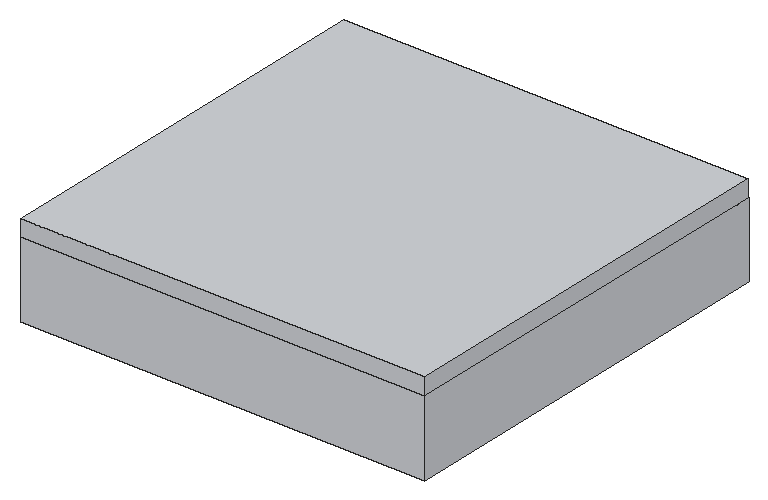
Revit family "265000 - Lighting - Recessed - Rectangular", category Lighting Fixtures, Revit 2020
Family settings
  Round Connector Dimension = Use Diameter
  Part Type = Normal
  OmniClass Number = 23.80.70.00
  OmniClass Title = Lighting
  Work Plane-Based = Yes
  Always vertical = Yes
  Cut with Voids When Loaded = No
  Light Source = Yes
  Shared = No
  Room Calculation Point = No
Parameters
  Wattage = 12.1178 W
  built-in parameter 1150110 = 1 (stored number, unit not read)
  built-in parameter 1114217 = 1 (stored number, unit not read)
  built-in parameter 1150109 = 1 (stored number, unit not read)
  built-in parameter 1150134 = (empty or 0)
  built-in parameter 1150113 = 1 (stored number, unit not read)
  Lumens = 1800 lm
  built-in parameter 1150115 = 1 (stored number, unit not read)
  built-in parameter 1150105 = 143.24 (stored number, unit not read)
  Light Source Symbol Size = 2' - 0"
  built-in parameter 1150137 = (empty or 0)
  built-in parameter 1150139 = (empty or 0)
  Light Box = none
  built-in parameter 1150112 = 1 (stored number, unit not read)
  built-in parameter 1150114 = 1 (stored number, unit not read)
  built-in parameter 1150132 = 2
  built-in parameter 1150102 = (empty or 0)
  built-in parameter 1150138 = (empty or 0)
  built-in parameter 1150107 = 3000 (stored number, unit not read)
  built-in parameter 1150106 = 1.4324 (stored number, unit not read)
  built-in parameter 1150104 = 13.8 (stored number, unit not read)
  Dimming Lamp Color Temperature Shift = (empty or 0)
  Diffuser = none
  Default Elevation = 4' - 0"
  Color Filter = 16777215
  built-in parameter 1114218 = 1 (stored number, unit not read)
  built-in parameter 1150133 = 10 (stored number, unit not read)
Reference planes (in)
  plane 1 "Light Source Axis (F/B)": y = 0
  plane 2: z = 0
  plane 3 "Light Source Axis (L/R)": x = 0
  plane 4 "Light Source Elevation": z = 0
  plane 5: y = 1.28382
  plane 6: y = -5.96618
  plane 7: y = 8.53382
  plane 8: y = -13.21618
  plane 9: x = -11.61136
  plane 10: x = 10.13864
  plane 11: x = -4.36136
  plane 12: x = 2.88864
  plane 13: y = 1.28382
  plane 14: y = -5.96618
  plane 15: y = 8.53382
  plane 16: y = -13.21618
  plane 17: x = -11.61136
  plane 18: x = 10.13864
  plane 19: x = -4.36136
  plane 20: x = 2.88864
Forms (in)
  Extrusion 1, solid, material <- "Light Box"
    sketch origin (0, 0, 0) x (1, 0, 0) y (0, 1, 0)
      loop
        line (-12.73636, 9.65882) -> (-12.73636, -14.34118) -> (11.26364, -14.34118) -> (11.26364, 9.65882) -> (-12.73636, 9.65882)
      loop
        line (-11.73636, 8.65882) -> (-11.73636, -13.34118) -> (10.26364, -13.34118) -> (10.26364, 8.65882) -> (-11.73636, 8.65882)
    from 0 to 4.5
  Extrusion 2, solid, material <- "Light Box"
    sketch origin (0, 0, 0) x (1, 0, 0) y (0, 1, 0)
      loop
        line (-12.73636, 9.65882) -> (-12.73636, -14.34118) -> (11.26364, -14.34118) -> (11.26364, 9.65882) -> (-12.73636, 9.65882)
    from 4.5 to 5.5
  Extrusion 3, solid, material <- "Diffuser"
    sketch origin (0, 0, 0) x (1, 0, 0) y (0, 1, 0)
      loop
        line (-11.73636, 8.65882) -> (-11.73636, -13.34118) -> (10.26364, -13.34118) -> (10.26364, 8.65882) -> (-11.73636, 8.65882)
      loop
        line (-11.48636, 1.40882) -> (-4.48636, 1.40882) -> (-4.48636, 8.40882) -> (-11.48636, 8.40882) -> (-11.48636, 1.40882)
      loop
        line (-11.48636, -5.84118) -> (-4.48636, -5.84118) -> (-4.48636, 1.15882) -> (-11.48636, 1.15882) -> (-11.48636, -5.84118)
      loop
        line (-11.48636, -6.09118) -> (-11.48636, -13.09118) -> (-4.48636, -13.09118) -> (-4.48636, -6.09118) -> (-11.48636, -6.09118)
      loop
        line (-4.23636, 1.40882) -> (2.76364, 1.40882) -> (2.76364, 8.40882) -> (-4.23636, 8.40882) -> (-4.23636, 1.40882)
      loop
        line (-4.23636, -5.84118) -> (2.76364, -5.84118) -> (2.76364, 1.15882) -> (-4.23636, 1.15882) -> (-4.23636, -5.84118)
      loop
        line (-4.23636, -6.09118) -> (-4.23636, -13.09118) -> (2.76364, -13.09118) -> (2.76364, -6.09118) -> (-4.23636, -6.09118)
      loop
        line (3.01364, 1.40882) -> (10.01364, 1.40882) -> (10.01364, 8.40882) -> (3.01364, 8.40882) -> (3.01364, 1.40882)
      loop
        line (3.01364, -5.84118) -> (10.01364, -5.84118) -> (10.01364, 1.15882) -> (3.01364, 1.15882) -> (3.01364, -5.84118)
      loop
        line (3.01364, -6.09118) -> (3.01364, -13.09118) -> (10.01364, -13.09118) -> (10.01364, -6.09118) -> (3.01364, -6.09118)
    from 0.125 to 2
  Extrusion 4, solid
    sketch origin (0, 0, 0) x (1, 0, 0) y (0, 1, 0)
      loop
        line (-11.73636, 8.65882) -> (-11.73636, -13.34118) -> (10.26364, -13.34118) -> (10.26364, 8.65882) -> (-11.73636, 8.65882)
    from 3 to 3.25
  Extrusion 5, solid
    sketch origin (0, 0, 0) x (1, 0, 0) y (0, 1, 0)
      loop
        line (-11.73636, 8.65882) -> (-11.73636, -13.34118) -> (10.26364, -13.34118) -> (10.26364, 8.65882) -> (-11.73636, 8.65882)
      loop
        line (-11.48636, 1.40882) -> (-4.48636, 1.40882) -> (-4.48636, 8.40882) -> (-11.48636, 8.40882) -> (-11.48636, 1.40882)
      loop
        line (-11.48636, -5.84118) -> (-4.48636, -5.84118) -> (-4.48636, 1.15882) -> (-11.48636, 1.15882) -> (-11.48636, -5.84118)
      loop
        line (-11.48636, -6.09118) -> (-11.48636, -13.09118) -> (-4.48636, -13.09118) -> (-4.48636, -6.09118) -> (-11.48636, -6.09118)
      loop
        line (-4.23636, 1.40882) -> (2.76364, 1.40882) -> (2.76364, 8.40882) -> (-4.23636, 8.40882) -> (-4.23636, 1.40882)
      loop
        line (-4.23636, -5.84118) -> (2.76364, -5.84118) -> (2.76364, 1.15882) -> (-4.23636, 1.15882) -> (-4.23636, -5.84118)
      loop
        line (-4.23636, -6.09118) -> (-4.23636, -13.09118) -> (2.76364, -13.09118) -> (2.76364, -6.09118) -> (-4.23636, -6.09118)
      loop
        line (3.01364, 1.40882) -> (10.01364, 1.40882) -> (10.01364, 8.40882) -> (3.01364, 8.40882) -> (3.01364, 1.40882)
      loop
        line (3.01364, -5.84118) -> (10.01364, -5.84118) -> (10.01364, 1.15882) -> (3.01364, 1.15882) -> (3.01364, -5.84118)
      loop
        line (3.01364, -6.09118) -> (3.01364, -13.09118) -> (10.01364, -13.09118) -> (10.01364, -6.09118) -> (3.01364, -6.09118)
    from 0 to 0.125
Dimensions and locks (in)
  locked: Extrusion 1 sketch curve to Extrusion 1 sketch curve at 1
  equal spacing: plane 7, plane 5, plane 6, plane 8
  equal spacing: plane 15, plane 13, plane 14, plane 16
  aligned and locked: plane 3 "Light Source Axis (L/R)" to imposter light
  aligned and locked: plane 1 "Light Source Axis (F/B)" to imposter light
  aligned and locked: plane 4 "Light Source Elevation" to imposter light
  aligned and locked: level to plane 2
